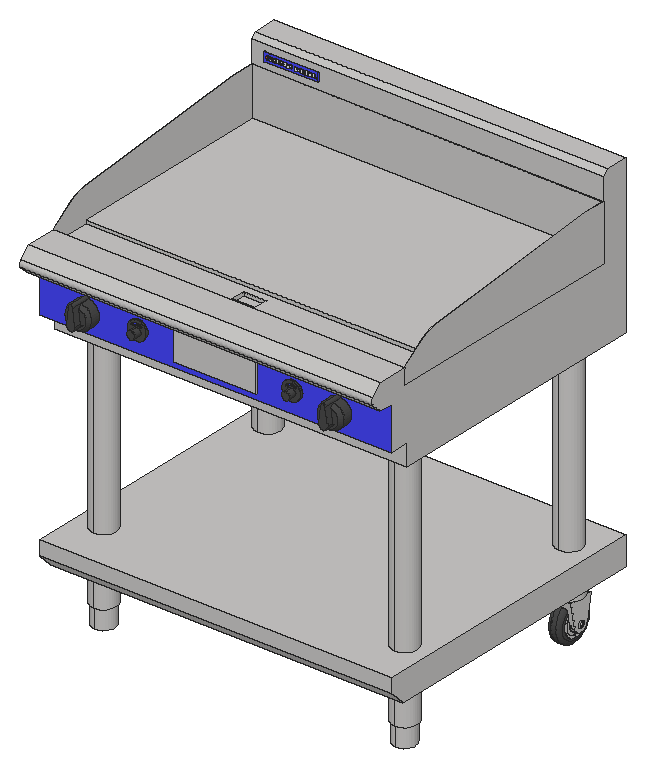
Revit family "QF_MOFFAT_BLUESEAL_CE_GP516-LS", category Specialty Equipment, Revit 2012
Parameters
  Weight in Pounds = 346  # constant formula
  Width [instance] = 900 mm  # constant formula
  URL Cutsheet = "www.moffat.com"
  URL = "www.moffat.com"
  Type Mark [instance] = ""
  Status [instance] = ""
  Specification by User [instance] = ""
  Specification by Manufacturer = ""
  Show Logo [instance] = yes
  Show Casters [instance] = yes
  Serial Number = ""
  Seismic Rating = ""
  SMACNA No = ""
  Revision Code [instance] = ""
  Omniclass Number and Title = ""
  NAFEM Spec ID Number = ""
  Model = "GP516-LS"
  Mechanical Remarks = ""
  Mechanical Connection Type = ""
  Masterspec = ""
  Manufacturer = "MOFFAT BLUESEAL"
  Legs [instance] = not(Show Casters)  # no
  Item Number [instance] = ""
  Installed By [instance] = ""
  Identify Quantity as Lot [instance] = yes
  Height = 970 mm  # constant formula
  Gas Size = 3/4"
  Gas RI Height [instance] = 0 mm
  Gas KW = 23
  Gas Input = 78300.0 Btu/h
  Gas Connection Height = 0 mm
  Furnished By [instance] = ""
  Foodservice Equipment Identifier [instance] = yes
  Description = "900MM GAS GRIDDLE PLATE ON LEG STAND"
  Depth [instance] = 812 mm  # constant formula
  CSI MasterFormat = ""
  CSI Master Format = ""
  Back Splash [instance] = 215 mm  # constant formula
Reference planes
  plane 1 "BACK": y = 0
  plane 2: z = 0
  plane 3 "LEFT": x = 0
  plane 4 "RIGHT": x = 900
  plane 5 "FRONT": y = -812
  plane 6 "TOP": z = 970
  plane 7 "Center Y": x = 450
  plane 8 "Center X": y = -406
  plane 9 "Base Height": z = 150
  plane 10: z = 915
  plane 11: y = -625
  plane 12: y = -100
  plane 13: x = 770
  plane 14: z = 710
  plane 15: y = -32
  plane 16: z = 1085
  plane 17: z = 740
  plane 18: x = 65.5
  plane 19: x = 834.5
Forms (mm)
  Extrusion 1, solid, material "QF_Finishes_Stainless Steel"
    sketch origin (0, 0, 0) x (0, 1, 0) y (0, 0, 1)
      loop
        line (0, 222.5) -> (-749, 222.5) -> (-749, 186) -> (-713, 150) -> (0, 150) -> (0, 222.5)
      loop
        line (0, 685) -> (0, 1085) -> (-57.5, 1085) -> (-70, 1072.5) -> (-70, 875) -> (-705, 875) -> (-705, 915) -> (-783.97, 915) -> (-808.485, 890.485)
        arc (-808.485, 890.485) -> (-811.999, 882) -> (-808.485, 873.515) r 12
        line (-808.485, 873.515) -> (-784.97, 850) -> (-749, 850) -> (-749, 740) -> (-699, 740) -> (-699, 685) -> (0, 685)
    from 0 to 900
  Revolve 2, solid, material "QF_Finishes_Stainless Steel", visible <- "Legs"
    sketch origin (834.5, -210, 0) x (0, 1, 0) y (0, 0, -1)
      loop
        line (78.25, -150) -> (110, -150) -> (110, 0) -> (82.5, 0) -> (82.5, -50) -> (78.25, -50) -> (78.25, -150)
      axis (110, -150) -> (110, 0)
    angle from 0 to 360
  Revolve 3, solid, material "QF_Finishes_Stainless Steel"
    sketch origin (834.5, -735, 0) x (0, 1, 0) y (0, 0, -1)
      loop
        line (78.25, -150) -> (110, -150) -> (110, 0) -> (82.5, 0) -> (82.5, -50) -> (78.25, -50) -> (78.25, -150)
      axis (110, -150) -> (110, 0)
    angle from 0 to 360
  Revolve 4, solid, material "QF_Finishes_Stainless Steel", visible <- "Legs"
    sketch origin (65, -210, 0) x (0, 1, 0) y (0, 0, -1)
      loop
        line (78.25, -150) -> (110, -150) -> (110, 0) -> (82.5, 0) -> (82.5, -50) -> (78.25, -50) -> (78.25, -150)
      axis (110, -150) -> (110, 0)
    angle from 0 to 360
  Revolve 5, solid, material "QF_Finishes_Stainless Steel"
    sketch origin (65, -735, 0) x (0, 1, 0) y (0, 0, -1)
      loop
        line (78.25, -150) -> (110, -150) -> (110, 0) -> (82.5, 0) -> (82.5, -50) -> (78.25, -50) -> (78.25, -150)
      axis (110, -150) -> (110, 0)
    angle from 0 to 360
  Revolve 6, solid, material "QF_Finishes_Black"
    sketch origin (127.5, 7, 597.8) x (0, 1, 0) y (0, 0, -1)
      loop
        line (-789, -229.5) -> (-766, -229.5) -> (-766, -202) -> (-756, -202) -> (-756, -197) -> (-800, -197) -> (-800, -223.651) -> (-789, -229.5)
      axis (-800, -197) -> (-756, -197)
    angle from 0 to 360
  Extrusion 7, solid, material "QF_Finishes_Black"
    sketch origin (115.851, 0, 597.958) x (-1, 0, 0) y (0, 0, -1)
      loop
        line (-22.15, -186.037) -> (-16.729, -228.955)
        arc (-16.729, -228.955) -> (-11.73, -233.842) -> (-6.732, -228.955) r 5
        line (-6.732, -228.955) -> (-1.243, -184.87)
        arc (-1.243, -184.87) -> (-12.315, -174.371) -> (-22.15, -186.037) r 10.487
    from 759 to 808
  Extrusion 8, solid, material "QF_Finishes_Stainless Steel"
    sketch origin (0, -749, 866) x (0, 0, -1) y (1, 0, 0)
      loop
        line (25.201, 345) -> (112.1, 345) -> (112.1, 555) -> (25.201, 555) -> (25.201, 345)
    from 0 to 2.5
  Extrusion 9, solid, material "QF_Finishes_Stainless Steel"
    sketch origin (0, -751.5, 866) x (0, 0, -1) y (1, 0, 0)
      loop
        line (32.201, 555) -> (25.201, 555) -> (25.201, 345) -> (32.201, 345) -> (32.201, 555)
    from 0 to 5
  Extrusion 10, void
    sketch origin (0, -756, 740) x (1, 0, 0) y (0, -1, 0)
      loop
        circle (769.998, -724) r 10
    from 0 to 86.329
  Extrusion 11, solid, material "QF_Finishes_Stainless Steel"
    sketch origin (0, 0, 222.5) x (0, -1, 0) y (1, 0, 0)
      loop
        circle (100, 65) r 31.75
      loop
        circle (625, 65) r 31.75
      loop
        circle (100, 835) r 31.75
      loop
        circle (625, 835) r 31.75
    from 0 to 462.5
  Revolve 12, solid, material "QF_Finishes_Stainless Steel", visible <- "Legs"
    sketch origin (65.5, -166, 0) x (0, 1, 0) y (0, 0, 1)
      loop
        line (34.25, 150) -> (34.25, 50) -> (38.5, 50) -> (38.5, 0) -> (66, 0) -> (66, 150) -> (34.25, 150)
      axis (66, 150) -> (66, 0)
    angle from 0 to 360
  Revolve 13, solid, material "QF_Finishes_Stainless Steel", visible <- "Legs"
    sketch origin (835, -166, 0) x (0, 1, 0) y (0, 0, -1)
      loop
        line (34.25, -150) -> (66, -150) -> (66, 0) -> (38.5, 0) -> (38.5, -50) -> (34.25, -50) -> (34.25, -150)
      axis (66, -150) -> (66, 0)
    angle from 0 to 360
  Revolve 14, solid, material "QF_Finishes_Stainless Steel", visible <- "Show Casters"
    sketch origin (16.276, -100.755, -13.653) x (1, 0, 0) y (0, 0, 1)
      loop
        line (14.841, 63.604) -> (83.584, 63.604) -> (83.584, 67.109) -> (82.314, 68.379) -> (80.79, 68.379) -> (80.79, 71.826) -> (68.644, 71.826) -> (68.644, 81.79) -> (65.088, 83.843) -> (63.738, 92.179) -> (65.881, 92.179) -> (65.881, 98.529) -> (65.088, 98.529) -> (65.088, 104.879)
        arc (65.088, 104.879) -> (62.298, 111.614) -> (55.563, 114.404) r 9.525
        line (55.563, 114.404) -> (42.863, 114.404)
        arc (42.863, 114.404) -> (36.127, 111.614) -> (33.338, 104.879) r 9.525
        line (33.338, 104.879) -> (33.338, 98.529) -> (32.544, 98.529) -> (32.544, 92.179) -> (34.687, 92.179) -> (33.352, 83.932) -> (29.782, 81.871) -> (29.782, 71.826) -> (17.635, 71.826) -> (17.635, 68.379) -> (16.111, 68.379) -> (14.841, 67.109) -> (14.841, 63.604)
      axis (14.841, 63.604) -> (83.584, 63.604)
    angle from 0 to 360
  Extrusion 15, solid, material "QF_Finishes_Stainless Steel", visible <- "Show Casters"
    sketch origin (72.001, 132.353, -8.783) x (0, 1, 0) y (0, 0, 1)
      loop
        line (-200.603, 118.783) -> (-264.103, 118.783) -> (-251.746, 53.895)
        arc (-251.746, 53.895) -> (-232.353, 38.783) -> (-212.959, 53.895) r 20
        line (-212.959, 53.895) -> (-200.603, 118.783)
    from -35.667 to 22.923
  Revolve 16, solid, material "QF_Finishes_Stainless Steel", visible <- "Show Casters"
    sketch origin (65.5, -204, 0) x (0, 1, 0) y (0, 0, 1)
      loop
        line (68.25, 150) -> (68.25, 110) -> (104, 110) -> (104, 150) -> (68.25, 150)
      axis (104, 150) -> (104, 110)
    angle from 0 to 360
  Revolve 17, solid, material "QF_Finishes_Stainless Steel", visible <- "Legs"
    sketch origin (65.5, -166, 0) x (0, 1, 0) y (0, 0, 1)
      loop
        line (34.25, 150) -> (34.25, 50) -> (38.5, 50) -> (38.5, 0) -> (66, 0) -> (66, 150) -> (34.25, 150)
      axis (66, 150) -> (66, 0)
    angle from 0 to 360
  Extrusion 18, solid, material "QF_Finishes_Stainless Steel", visible <- "Show Casters"
    sketch origin (841.501, 132.353, -8.783) x (0, 1, 0) y (0, 0, 1)
      loop
        line (-200.603, 118.783) -> (-264.103, 118.783) -> (-251.746, 53.895)
        arc (-251.746, 53.895) -> (-232.353, 38.783) -> (-212.959, 53.895) r 20
        line (-212.959, 53.895) -> (-200.603, 118.783)
    from -35.667 to 22.923
  Revolve 19, solid, material "QF_Finishes_Stainless Steel", visible <- "Show Casters"
    sketch origin (835, -204, 0) x (0, 1, 0) y (0, 0, 1)
      loop
        line (68.25, 150) -> (68.25, 110) -> (104, 110) -> (104, 150) -> (68.25, 150)
      axis (104, 150) -> (104, 110)
    angle from 0 to 360
  Revolve 20, solid, material "QF_Finishes_Stainless Steel", visible <- "Show Casters"
    sketch origin (786.276, -100.755, -13.653) x (1, 0, 0) y (0, 0, 1)
      loop
        line (14.841, 63.604) -> (83.584, 63.604) -> (83.584, 67.109) -> (82.314, 68.379) -> (80.79, 68.379) -> (80.79, 71.826) -> (68.644, 71.826) -> (68.644, 81.79) -> (65.088, 83.843) -> (63.738, 92.179) -> (65.881, 92.179) -> (65.881, 98.529) -> (65.088, 98.529) -> (65.088, 104.879)
        arc (65.088, 104.879) -> (62.298, 111.614) -> (55.563, 114.404) r 9.525
        line (55.563, 114.404) -> (42.863, 114.404)
        arc (42.863, 114.404) -> (36.127, 111.614) -> (33.338, 104.879) r 9.525
        line (33.338, 104.879) -> (33.338, 98.529) -> (32.544, 98.529) -> (32.544, 92.179) -> (34.687, 92.179) -> (33.352, 83.932) -> (29.782, 81.871) -> (29.782, 71.826) -> (17.635, 71.826) -> (17.635, 68.379) -> (16.111, 68.379) -> (14.841, 67.109) -> (14.841, 63.604)
      axis (14.841, 63.604) -> (83.584, 63.604)
    angle from 0 to 360
  Revolve 21, solid, material "QF_Finishes_Black"
    sketch origin (772.616, 7, 597.8) x (0, 1, 0) y (0, 0, -1)
      loop
        line (-789, -229.5) -> (-766, -229.5) -> (-766, -202) -> (-756, -202) -> (-756, -197) -> (-800, -197) -> (-800, -223.651) -> (-789, -229.5)
      axis (-800, -197) -> (-756, -197)
    angle from 0 to 360
  Extrusion 22, solid, material "QF_Finishes_Black"
    sketch origin (760.967, 0, 597.958) x (-1, 0, 0) y (0, 0, -1)
      loop
        line (-22.15, -186.037) -> (-16.729, -228.955)
        arc (-16.729, -228.955) -> (-11.73, -233.842) -> (-6.732, -228.955) r 5
        line (-6.732, -228.955) -> (-1.243, -184.87)
        arc (-1.243, -184.87) -> (-12.315, -174.371) -> (-22.15, -186.037) r 10.487
    from 759 to 808
  Extrusion 23, solid, material "QF_Finishes_Black"
    sketch origin (17.5, -749, 864.306) x (0, 0, -1) y (1, 0, 0)
      loop
        circle (70, 235) r 24
      loop
        arc (60.1, 249.913) -> (52.064, 235.125) -> (59.882, 220.219) r 17.868
        arc (59.882, 220.219) -> (60.362, 219.934) -> (60.877, 220.149) r 0.621
        arc (60.877, 220.149) -> (62.314, 222.708) -> (62.658, 225.622) r 7.495
        arc (62.658, 225.622) -> (62.454, 226.55) -> (62.006, 227.388) r 3.472
        arc (62.006, 227.388) -> (59.714, 234.851) -> (61.844, 242.362) r 13.786
        arc (61.844, 242.362) -> (62.484, 243.632) -> (62.749, 245.028) r 5.101
        arc (62.749, 245.028) -> (62.378, 247.547) -> (61.084, 249.739) r 6.611
        arc (61.084, 249.739) -> (60.622, 249.997) -> (60.1, 249.913) r 0.806
    from 0 to 5
  Extrusion 24, solid, material "QF_Finishes_Black"
    sketch origin (17.5, -754, 864.306) x (0, 0, -1) y (1, 0, 0)
      loop
        circle (73.5, 235) r 10
    from 0 to 18.251
  Extrusion 25, solid, material "QF_Finishes_Black"
    sketch origin (413.125, -749, 864.306) x (0, 0, -1) y (1, 0, 0)
      loop
        circle (70, 235) r 24
      loop
        arc (60.1, 249.913) -> (52.064, 235.125) -> (59.882, 220.219) r 17.868
        arc (59.882, 220.219) -> (60.362, 219.934) -> (60.877, 220.149) r 0.621
        arc (60.877, 220.149) -> (62.314, 222.708) -> (62.658, 225.622) r 7.495
        arc (62.658, 225.622) -> (62.454, 226.55) -> (62.006, 227.388) r 3.472
        arc (62.006, 227.388) -> (59.714, 234.851) -> (61.844, 242.362) r 13.786
        arc (61.844, 242.362) -> (62.484, 243.632) -> (62.749, 245.028) r 5.101
        arc (62.749, 245.028) -> (62.378, 247.547) -> (61.084, 249.739) r 6.611
        arc (61.084, 249.739) -> (60.622, 249.997) -> (60.1, 249.913) r 0.806
    from 0 to 5
  Extrusion 26, solid, material "QF_Finishes_Black"
    sketch origin (413.125, -754, 864.306) x (0, 0, -1) y (1, 0, 0)
      loop
        circle (73.5, 235) r 10
    from 0 to 18.251
Cuts and joins
  joined: Extrusion 8, Extrusion 9
  Extrusion 10 cuts Extrusion 1
Lines and regions (mm)
  Split face 1
    outline origin (900, 0, 1085) x (-1, 0, 0) y (0, -1, 0)
      loop
        arc (624, 45.385) -> (615.34, 40.385) -> (615.34, 30.385) r 10
        line (615.34, 30.385) -> (619.381, 23.385)
        arc (619.381, 23.385) -> (623.041, 19.725) -> (628.041, 18.385) r 10
        line (628.041, 18.385) -> (856, 18.385)
        arc (856, 18.385) -> (864.66, 23.385) -> (864.66, 33.385) r 10
        line (864.66, 33.385) -> (860.619, 40.385)
        arc (860.619, 40.385) -> (856.959, 44.045) -> (851.959, 45.385) r 10
        line (851.959, 45.385) -> (624, 45.385)
  Split face 2
    outline origin (900, 0, 1085) x (-1, 0, 0) y (0, -1, 0)
      loop
        arc (34, 45.385) -> (25.34, 40.385) -> (25.34, 30.385) r 10
        line (25.34, 30.385) -> (29.381, 23.385)
        arc (29.381, 23.385) -> (33.041, 19.725) -> (38.041, 18.385) r 10
        line (38.041, 18.385) -> (266, 18.385)
        arc (266, 18.385) -> (274.66, 23.385) -> (274.66, 33.385) r 10
        line (274.66, 33.385) -> (270.619, 40.385)
        arc (270.619, 40.385) -> (266.959, 44.045) -> (261.959, 45.385) r 10
        line (261.959, 45.385) -> (34, 45.385)
  Split face 3
    outline origin (900, 0, 1085) x (-1, 0, 0) y (0, -1, 0)
      loop
        line (336.021, 18.385) -> (563.979, 18.385)
        arc (563.979, 18.385) -> (572.64, 23.385) -> (572.64, 33.385) r 10
        line (572.64, 33.385) -> (568.598, 40.385)
        arc (568.598, 40.385) -> (564.938, 44.045) -> (559.938, 45.385) r 10
        line (559.938, 45.385) -> (331.979, 45.385)
        arc (331.979, 45.385) -> (323.319, 40.385) -> (323.319, 30.385) r 10
        line (323.319, 30.385) -> (327.36, 23.385)
        arc (327.36, 23.385) -> (331.021, 19.725) -> (336.021, 18.385) r 10
  Split face 4
    outline origin (495, -751.5, 753.9) x (1, 0, 0) y (0, 0, 1)
      loop
        arc (-38, 69) -> (-34, 73) -> (-38, 77) r 4
        line (-38, 77) -> (-52, 77)
        arc (-52, 77) -> (-56, 73) -> (-52, 69) r 4
        line (-52, 69) -> (-38, 69)
  symbolic lines
    curve 1: line (0, 0, 0) -> (0, -812, 0)
    curve 2: line (900, 0, 0) -> (0, 0, 0)
    curve 3: line (900, -812, 0) -> (900, 0, 0)
    curve 4: line (0, -70, 0) -> (900, -70, 0)
    curve 5: line (0, -812, 0) -> (900, -812, 0)
    curve 10: line (0, -57.5, 0) -> (900, -57.5, 0)
    curve 11: line (0, -783.97, 0) -> (900, -783.97, 0)
    curve 12: line (634, -18.385, 0) -> (861.959, -18.385, 0)
    curve 13: arc (861.959, -18.385, 0) -> (866.959, -19.725, 0) -> (870.619, -23.385, 0) r 10
    curve 14: line (870.619, -23.385, 0) -> (874.66, -30.385, 0)
    curve 15: arc (874.66, -30.385, 0) -> (874.66, -40.385, 0) -> (866, -45.385, 0) r 10
    curve 16: line (866, -45.385, 0) -> (638.041, -45.385, 0)
    curve 17: arc (638.041, -45.385, 0) -> (633.041, -44.045, 0) -> (629.381, -40.385, 0) r 10
    curve 18: line (629.381, -40.385, 0) -> (625.34, -33.385, 0)
    curve 19: arc (625.34, -33.385, 0) -> (625.34, -23.385, 0) -> (634, -18.385, 0) r 10
    curve 24: line (336.021, -18.385, 0) -> (563.979, -18.385, 0)
    curve 25: arc (563.979, -18.385, 0) -> (568.979, -19.725, 0) -> (572.64, -23.385, 0) r 10
    curve 26: line (572.64, -23.385, 0) -> (576.681, -30.385, 0)
    curve 27: arc (576.681, -30.385, 0) -> (576.681, -40.385, 0) -> (568.021, -45.385, 0) r 10
    curve 28: line (568.021, -45.385, 0) -> (340.062, -45.385, 0)
    curve 29: arc (340.062, -45.385, 0) -> (335.062, -44.045, 0) -> (331.402, -40.385, 0) r 10
    curve 30: line (331.402, -40.385, 0) -> (327.36, -33.385, 0)
    curve 31: arc (327.36, -33.385, 0) -> (327.36, -23.385, 0) -> (336.021, -18.385, 0) r 10
    curve 32: line (44, -18.385, 0) -> (271.959, -18.385, 0)
    curve 33: arc (271.959, -18.385, 0) -> (276.959, -19.725, 0) -> (280.619, -23.385, 0) r 10
    curve 34: line (280.619, -23.385, 0) -> (284.66, -30.385, 0)
    curve 35: arc (284.66, -30.385, 0) -> (284.66, -40.385, 0) -> (276, -45.385, 0) r 10
    curve 36: line (276, -45.385, 0) -> (48.041, -45.385, 0)
    curve 37: arc (48.041, -45.385, 0) -> (43.041, -44.045, 0) -> (39.381, -40.385, 0) r 10
    curve 38: line (39.381, -40.385, 0) -> (35.34, -33.385, 0)
    curve 39: arc (35.34, -33.385, 0) -> (35.34, -23.385, 0) -> (44, -18.385, 0) r 10
  symbolic lines, style "SpecialityEquipmentHiddenLines", visible <- "Show Casters"
    curve 6: line (78.456, -46.735, 0) -> (105.952, -62.61, 0)
    curve 7: line (27.656, -134.723, 0) -> (78.456, -46.735, 0)
    curve 8: line (55.152, -150.598, 0) -> (27.656, -134.723, 0)
    curve 9: line (105.952, -62.61, 0) -> (55.152, -150.598, 0)
    curve 20: line (847.956, -46.735, 0) -> (875.452, -62.61, 0)
    curve 21: line (797.156, -134.723, 0) -> (847.956, -46.735, 0)
    curve 22: line (824.652, -150.598, 0) -> (797.156, -134.723, 0)
    curve 23: line (875.452, -62.61, 0) -> (824.652, -150.598, 0)
Dimensions and locks
  equal spacing: plane 3 "LEFT", plane 7 "Center Y", plane 4 "RIGHT"
  "Width": plane 3 "LEFT" to plane 4 "RIGHT"
  equal spacing: plane 5 "FRONT", plane 8 "Center X", plane 1 "BACK"
  "Depth": plane 5 "FRONT" to plane 1 "BACK"
  locked: plane 10 to level at 915
  locked: plane 9 "Base Height" to level at 150
  plane 6 "TOP" to plane 10 = 55 mm
  plane 11 to plane 12 = 525 mm
  plane 13 to plane 4 "RIGHT" = 130 mm
  plane 14 to level = 710 mm
  plane 15 to plane 1 "BACK" = 32 mm
  plane 16 to plane 2 = 1085 mm
  Revolve 14 sketch curve to Revolve 14 sketch curve = 50.8 mm
  Extrusion 10 sketch curve to plane 1 "BACK" = 32 mm
  plane 17 to plane 2 = 740 mm
  Revolve 20 sketch curve to Revolve 20 sketch curve = 50.8 mm
  aligned and locked: level to plane 2
Automatic sketch dimensions
  plane 1 "BACK" to curve 1 = 0 mm
  curve 1 to plane 3 "LEFT" = 0 mm
  curve 5 to plane 4 "RIGHT" = 0 mm
  plane 5 "FRONT" to curve 5 = 0 mm
  plane 3 "LEFT" to curve 7 = 27.656 mm
  curve 39 to plane 15 = 1.385 mm
  curve 38 to plane 15 = 8.385 mm
  curve 38 to curve 38 = 4.041 mm
  plane 15 to curve 32 = 13.615 mm
  curve 39 to curve 32 = 8.66 mm
  curve 37 to plane 15 = 3.385 mm
  curve 39 to curve 37 = 4.041 mm
  curve 6 to curve 32 = 166.007 mm
  curve 33 to curve 35 = 4.041 mm  (x2)
  plane 15 to curve 33 = 8.615 mm
  curve 33 to curve 33 = 8.66 mm
  plane 15 to curve 35 = 1.615 mm
  curve 30 to plane 15 = 1.385 mm
  curve 34 to curve 30 = 42.7 mm
  curve 30 to plane 15 = 8.385 mm
  curve 30 to curve 30 = 4.041 mm
  plane 15 to curve 31 = 13.615 mm
  curve 31 to curve 31 = 8.66 mm
  curve 30 to curve 29 = 8.66 mm
  plane 7 "Center Y" to curve 24 = 113.979 mm
  curve 27 to plane 15 = 3.385 mm
  curve 25 to curve 27 = 4.041 mm
  plane 15 to curve 26 = 8.615 mm
  curve 25 to curve 26 = 8.66 mm
  plane 15 to curve 26 = 1.615 mm
  curve 26 to curve 26 = 4.041 mm
  curve 18 to plane 15 = 1.385 mm
  curve 27 to curve 18 = 48.659 mm
  curve 18 to plane 15 = 8.385 mm
  curve 19 to curve 18 = 4.041 mm
  plane 15 to curve 12 = 13.615 mm
  curve 19 to curve 12 = 8.66 mm
  curve 17 to curve 16 = 8.66 mm
  plane 13 to curve 22 = 27.156 mm
  curve 13 to curve 16 = 4.041 mm
  plane 15 to curve 13 = 8.615 mm
  curve 13 to curve 13 = 8.66 mm
  plane 15 to curve 15 = 1.615 mm
  curve 13 to curve 15 = 4.041 mm
  curve 11 to plane 5 "FRONT" = 28.03 mm
  curve 23 to plane 12 = 50.598 mm
  curve 9 to plane 12 = 50.598 mm
  curve 8 to curve 7 = 15.875 mm
  curve 22 to curve 21 = 15.875 mm
  curve 4 to curve 20 = 7.39 mm
  curve 4 to curve 10 = 12.5 mm
  curve 15 to plane 15 = 13.385 mm
  Extrusion 1 sketch curve to plane 10 = 0 mm
  Extrusion 1 sketch curve to plane 17 = 0 mm
  Extrusion 1 sketch curve to plane 9 "Base Height" = 0 mm
  Extrusion 1 sketch curve to plane 16 = 0 mm
  Extrusion 1 sketch curve to plane 1 "BACK" = 0 mm  (x2)
  Extrusion 1 sketch curve to plane 15 = 25.5 mm
  plane 12 to Extrusion 1 sketch curve = 30 mm
  Extrusion 1 sketch curve to plane 14 = 25 mm
  Extrusion 1 sketch curve to plane 11 = 74 mm
  Extrusion 1 sketch curve to plane 10 = 40 mm
  Extrusion 1 sketch curve to plane 11 = 80 mm
  Extrusion 1 sketch curve to plane 11 = 88 mm
  Extrusion 1 sketch curve to Extrusion 1 sketch curve = 44 mm
  Extrusion 1 sketch curve to Extrusion 1 sketch curve = 36 mm
  Extrusion 1 sketch curve to plane 5 "FRONT" = 28.03 mm
  Extrusion 1 sketch curve to plane 5 "FRONT" = 27.03 mm
  Extrusion 1 sketch curve to plane 5 "FRONT" = 12.001 mm
  Extrusion 1 sketch curve to plane 5 "FRONT" = 3.515 mm  (x2)
  plane 9 "Base Height" to Extrusion 1 sketch curve = 36 mm
  Extrusion 1 sketch curve to Extrusion 1 sketch curve = 36.5 mm
  Extrusion 1 sketch curve to plane 10 = 65 mm
  Extrusion 1 sketch curve to Extrusion 1 sketch curve = 23.515 mm
  Extrusion 1 sketch curve to Extrusion 1 sketch curve = 8.485 mm
  Extrusion 1 sketch curve to plane 16 = 12.5 mm
  Revolve 2 sketch curve to plane 9 "Base Height" = 0 mm
  Revolve 2 sketch curve to level = 0 mm
  Revolve 2 sketch curve to plane 12 = 0 mm  (x2)
  Revolve 2 sketch curve to Revolve 2 sketch curve = 27.5 mm
  Revolve 2 sketch curve to Revolve 2 sketch curve = 31.75 mm
  level to Revolve 2 sketch curve = 50 mm
  Revolve 2 sketch curve to Revolve 2 sketch curve = 0 mm
  Revolve 2 sketch curve to Revolve 2 sketch curve = 55 mm
  Revolve 3 sketch curve to plane 9 "Base Height" = 0 mm
  Revolve 3 sketch curve to level = 0 mm
  Revolve 3 sketch curve to plane 11 = 0 mm  (x2)
  Revolve 3 sketch curve to plane 11 = 27.5 mm
  Revolve 3 sketch curve to plane 11 = 31.75 mm
  level to Revolve 3 sketch curve = 50 mm
  Revolve 3 sketch curve to Revolve 3 sketch curve = 0 mm
  Revolve 3 sketch curve to Revolve 3 sketch curve = 55 mm
  Revolve 4 sketch curve to plane 9 "Base Height" = 0 mm
  Revolve 4 sketch curve to level = 0 mm
  Revolve 4 sketch curve to plane 12 = 0 mm  (x2)
  Revolve 4 sketch curve to plane 12 = 27.5 mm
  Revolve 4 sketch curve to plane 12 = 31.75 mm
  level to Revolve 4 sketch curve = 50 mm
  Revolve 4 sketch curve to Revolve 4 sketch curve = 0 mm
  Revolve 4 sketch curve to Revolve 4 sketch curve = 55 mm
  Revolve 5 sketch curve to plane 9 "Base Height" = 0 mm
  Revolve 5 sketch curve to level = 0 mm
  Revolve 5 sketch curve to plane 11 = 0 mm  (x2)
  Revolve 5 sketch curve to plane 11 = 27.5 mm
  Revolve 5 sketch curve to plane 11 = 31.75 mm
  level to Revolve 5 sketch curve = 50 mm
  Revolve 5 sketch curve to Revolve 5 sketch curve = 0 mm
  Revolve 5 sketch curve to Revolve 5 sketch curve = 55 mm
  Revolve 6 sketch curve to plane 5 "FRONT" = 19 mm
  Revolve 6 sketch curve to Revolve 6 sketch curve = 0 mm  (x2)
  Revolve 6 sketch curve to Revolve 6 sketch curve = 11 mm
  Revolve 6 sketch curve to Revolve 6 sketch curve = 12.7 mm
  Revolve 6 sketch curve to Revolve 6 sketch curve = 23 mm
  Revolve 6 sketch curve to Revolve 6 sketch curve = 10 mm
  plane 17 to Revolve 6 sketch curve = 87.3 mm
  Revolve 6 sketch curve to Revolve 6 sketch curve = 5.849 mm
  Revolve 6 sketch curve to Revolve 6 sketch curve = 27.5 mm
  Revolve 6 sketch curve to Revolve 6 sketch curve = 5 mm
  plane 17 to Extrusion 7 sketch curve = 43.995 mm
  Extrusion 7 sketch curve to Extrusion 7 sketch curve = 5.421 mm
  Extrusion 7 sketch curve to Extrusion 7 sketch curve = 10.419 mm
  Extrusion 7 sketch curve to Extrusion 7 sketch curve = 4.999 mm  (x2)
  plane 17 to Extrusion 7 sketch curve = 86.913 mm
  Extrusion 7 sketch curve to Extrusion 7 sketch curve = 10.487 mm
  Extrusion 7 sketch curve to Extrusion 7 sketch curve = 0.113 mm
  Extrusion 7 sketch curve to Extrusion 7 sketch curve = 1.167 mm
  Extrusion 8 sketch curve to plane 10 = 74.201 mm
  plane 17 to Extrusion 8 sketch curve = 13.9 mm
  Extrusion 8 sketch curve to plane 7 "Center Y" = 105 mm
  plane 7 "Center Y" to Extrusion 8 sketch curve = 105 mm
  Extrusion 9 sketch curve to Extrusion 8 = 0 mm  (x2)
  Extrusion 8 to Extrusion 9 sketch curve = 0 mm
  Extrusion 9 sketch curve to Extrusion 9 sketch curve = 7 mm
  Extrusion 10 sketch curve to plane 13 = 0.002 mm
  Extrusion 11 sketch curve to plane 12 = 0 mm  (x2)
  Extrusion 11 sketch curve to plane 11 = 0 mm  (x2)
  Extrusion 11 sketch curve to Extrusion 11 sketch curve = 31.75 mm
  plane 12 to Extrusion 11 sketch curve = 31.75 mm
  plane 11 to Extrusion 11 sketch curve = 31.75 mm  (x2)
  Revolve 12 sketch curve to plane 9 "Base Height" = 0 mm
  Revolve 12 sketch curve to level = 0 mm
  Revolve 12 sketch curve to plane 12 = 0 mm  (x2)
  Revolve 12 sketch curve to plane 12 = 27.5 mm
  Revolve 12 sketch curve to plane 12 = 31.75 mm
  Revolve 12 sketch curve to Revolve 12 sketch curve = 55 mm
  level to Revolve 12 sketch curve = 50 mm
  Revolve 12 sketch curve to Revolve 12 sketch curve = 0 mm
  Revolve 13 sketch curve to plane 9 "Base Height" = 0 mm
  Revolve 13 sketch curve to level = 0 mm
  Revolve 13 sketch curve to plane 12 = 0 mm  (x2)
  Revolve 13 sketch curve to plane 12 = 27.5 mm
  Revolve 13 sketch curve to plane 12 = 31.75 mm
  level to Revolve 13 sketch curve = 50 mm
  Revolve 13 sketch curve to Revolve 13 sketch curve = 0 mm
  Revolve 13 sketch curve to Revolve 13 sketch curve = 55 mm
  plane 3 "LEFT" to Revolve 14 sketch curve = 31.118 mm
  Revolve 14 sketch curve to Revolve 14 sketch curve = 1.27 mm  (x4)
  Revolve 14 sketch curve to Revolve 14 sketch curve = 1.524 mm  (x2)
  Revolve 14 sketch curve to Revolve 14 sketch curve = 12.146 mm  (x2)
  Revolve 14 sketch curve to Revolve 14 sketch curve = 0.794 mm  (x2)
  Revolve 14 sketch curve to Revolve 14 sketch curve = 3.57 mm
  Revolve 14 sketch curve to Revolve 14 sketch curve = 2.143 mm
  Revolve 14 sketch curve to Revolve 14 sketch curve = 1.349 mm  (x2)
  Revolve 14 sketch curve to Revolve 14 sketch curve = 3.556 mm
  Revolve 14 sketch curve to Revolve 14 sketch curve = 33.32 mm
  level to Revolve 14 sketch curve = 49.952 mm
  Revolve 14 sketch curve to Revolve 14 sketch curve = 0 mm
  Revolve 14 sketch curve to Revolve 14 sketch curve = 3.505 mm  (x2)
  Revolve 14 sketch curve to Revolve 14 sketch curve = 3.447 mm  (x2)
  Revolve 14 sketch curve to Revolve 14 sketch curve = 9.964 mm
  Revolve 14 sketch curve to Revolve 14 sketch curve = 10.045 mm
  Revolve 14 sketch curve to Revolve 14 sketch curve = 2.053 mm
  Revolve 14 sketch curve to Revolve 14 sketch curve = 2.061 mm
  Revolve 14 sketch curve to Revolve 14 sketch curve = 8.247 mm
  Revolve 14 sketch curve to Revolve 14 sketch curve = 8.336 mm
  Revolve 14 sketch curve to Revolve 14 sketch curve = 6.35 mm  (x2)
  Extrusion 15 sketch curve to plane 12 = 0 mm
  Extrusion 15 sketch curve to plane 12 = 19.393 mm
  Extrusion 15 sketch curve to plane 12 = 31.75 mm
  plane 12 to Extrusion 15 sketch curve = 19.393 mm
  plane 12 to Extrusion 15 sketch curve = 31.75 mm
  level to Extrusion 15 sketch curve = 45.111 mm
  Extrusion 15 sketch curve to Extrusion 15 sketch curve = 4.889 mm
  Extrusion 15 sketch curve to plane 9 "Base Height" = 40 mm
  Revolve 16 sketch curve to plane 9 "Base Height" = 0 mm
  Revolve 16 sketch curve to plane 12 = 0 mm  (x2)
  Revolve 16 sketch curve to plane 12 = 35.75 mm
  Revolve 16 sketch curve to plane 9 "Base Height" = 40 mm
  level to Revolve 16 sketch curve = 50 mm
  Revolve 16 sketch curve to level = 55 mm
  Revolve 17 sketch curve to plane 9 "Base Height" = 0 mm
  Revolve 17 sketch curve to level = 0 mm
  Revolve 17 sketch curve to plane 12 = 0 mm  (x2)
  Revolve 17 sketch curve to plane 12 = 27.5 mm
  Revolve 17 sketch curve to Revolve 17 sketch curve = 31.75 mm
  Revolve 17 sketch curve to Revolve 17 sketch curve = 55 mm
  level to Revolve 17 sketch curve = 50 mm
  Revolve 17 sketch curve to Revolve 17 sketch curve = 0 mm
  Extrusion 18 sketch curve to plane 12 = 0 mm
  Extrusion 18 sketch curve to plane 12 = 19.393 mm
  Extrusion 18 sketch curve to plane 12 = 31.75 mm
  plane 12 to Extrusion 18 sketch curve = 19.393 mm
  plane 12 to Extrusion 18 sketch curve = 31.75 mm
  level to Extrusion 18 sketch curve = 45.111 mm
  Extrusion 18 sketch curve to Extrusion 18 sketch curve = 4.889 mm
  Extrusion 18 sketch curve to plane 9 "Base Height" = 40 mm
  Revolve 19 sketch curve to plane 9 "Base Height" = 0 mm
  Revolve 19 sketch curve to plane 12 = 0 mm  (x2)
  Revolve 19 sketch curve to Revolve 19 sketch curve = 35.75 mm
  Revolve 19 sketch curve to plane 9 "Base Height" = 40 mm
  level to Revolve 19 sketch curve = 50 mm
  Revolve 19 sketch curve to level = 55 mm
  Split face 1 sketch curve to cut or joined group of Extrusion 1, Extrusion 10 = 27.115 mm
  Split face 1 sketch curve to cut or joined group of Extrusion 1, Extrusion 10 = 284.66 mm
  Split face 1 sketch curve to cut or joined group of Extrusion 1, Extrusion 10 = 23.385 mm
  Split face 1 sketch curve to Split face 1 sketch curve = 4.041 mm  (x4)
  Split face 1 sketch curve to Split face 1 sketch curve = 8.66 mm  (x2)
  Split face 1 sketch curve to cut or joined group of Extrusion 1, Extrusion 10 = 22.115 mm
  Split face 1 sketch curve to cut or joined group of Extrusion 1, Extrusion 10 = 48.041 mm
  Split face 1 sketch curve to cut or joined group of Extrusion 1, Extrusion 10 = 17.115 mm
  Split face 1 sketch curve to Split face 1 sketch curve = 17 mm
  Split face 1 sketch curve to Split face 1 sketch curve = 7 mm
  Split face 2 sketch curve to cut or joined group of Extrusion 1, Extrusion 10 = 25.34 mm
  Split face 2 sketch curve to Split face 2 sketch curve = 4.041 mm  (x4)
  Split face 2 sketch curve to Split face 2 sketch curve = 8.66 mm  (x2)
  Split face 2 sketch curve to cut or joined group of Extrusion 1, Extrusion 10 = 22.115 mm
  Split face 2 sketch curve to Split face 2 sketch curve = 223.917 mm
  Split face 2 sketch curve to cut or joined group of Extrusion 1, Extrusion 10 = 17.115 mm
  Split face 2 sketch curve to Split face 2 sketch curve = 10 mm
  Split face 2 sketch curve to Split face 2 sketch curve = 7 mm  (x3)
  Split face 3 sketch curve to cut or joined group of Extrusion 1, Extrusion 10 = 27.115 mm
  Split face 3 sketch curve to cut or joined group of Extrusion 1, Extrusion 10 = 323.319 mm
  Split face 3 sketch curve to cut or joined group of Extrusion 1, Extrusion 10 = 23.385 mm
  Split face 3 sketch curve to Split face 3 sketch curve = 4.041 mm  (x3)
  Split face 3 sketch curve to Split face 3 sketch curve = 8.66 mm  (x3)
  Split face 3 sketch curve to cut or joined group of Extrusion 1, Extrusion 10 = 12.115 mm
  Split face 3 sketch curve to Split face 3 sketch curve = 223.917 mm
  Split face 3 sketch curve to cut or joined group of Extrusion 1, Extrusion 10 = 18.385 mm
  Split face 3 sketch curve to Split face 3 sketch curve = 10 mm
  Split face 3 sketch curve to Split face 3 sketch curve = 7 mm
  plane 13 to Revolve 20 sketch curve = 31.118 mm
  Revolve 20 sketch curve to Revolve 20 sketch curve = 1.27 mm  (x4)
  Revolve 20 sketch curve to Revolve 20 sketch curve = 1.524 mm  (x2)
  Revolve 20 sketch curve to Revolve 20 sketch curve = 12.146 mm  (x2)
  Revolve 20 sketch curve to Revolve 20 sketch curve = 0.794 mm  (x2)
  Revolve 20 sketch curve to Revolve 20 sketch curve = 3.57 mm
  Revolve 20 sketch curve to Revolve 20 sketch curve = 2.143 mm
  Revolve 20 sketch curve to Revolve 20 sketch curve = 1.349 mm  (x2)
  Revolve 20 sketch curve to Revolve 20 sketch curve = 3.556 mm
  Revolve 20 sketch curve to plane 4 "RIGHT" = 3.18 mm
  level to Revolve 20 sketch curve = 49.952 mm
  Revolve 20 sketch curve to Revolve 20 sketch curve = 0 mm
  Revolve 20 sketch curve to Revolve 20 sketch curve = 3.505 mm  (x2)
  Revolve 20 sketch curve to Revolve 20 sketch curve = 3.447 mm  (x2)
  Revolve 20 sketch curve to Revolve 20 sketch curve = 9.964 mm
  Revolve 20 sketch curve to Revolve 20 sketch curve = 10.045 mm
  Revolve 20 sketch curve to Revolve 20 sketch curve = 2.053 mm
  Revolve 20 sketch curve to Revolve 20 sketch curve = 2.061 mm
  Revolve 20 sketch curve to Revolve 20 sketch curve = 8.247 mm
  Revolve 20 sketch curve to Revolve 20 sketch curve = 8.336 mm
  Revolve 20 sketch curve to Revolve 20 sketch curve = 6.35 mm  (x2)
  cut or joined group of Extrusion 8, Extrusion 9 to Split face 4 sketch curve = 10.899 mm
  Split face 4 sketch curve to cut or joined group of Extrusion 8, Extrusion 9 = 98 mm
  Split face 4 sketch curve to Split face 4 sketch curve = 14 mm
  Split face 4 sketch curve to Split face 4 sketch curve = 4 mm
  Revolve 21 sketch curve to plane 5 "FRONT" = 19 mm
  Revolve 21 sketch curve to Revolve 21 sketch curve = 0 mm  (x2)
  Revolve 21 sketch curve to Revolve 21 sketch curve = 11 mm
  Revolve 21 sketch curve to Revolve 21 sketch curve = 12.7 mm
  Revolve 21 sketch curve to Revolve 21 sketch curve = 23 mm
  Revolve 21 sketch curve to Revolve 21 sketch curve = 10 mm
  plane 17 to Revolve 21 sketch curve = 87.3 mm
  Revolve 21 sketch curve to Revolve 21 sketch curve = 5.849 mm
  Revolve 21 sketch curve to Revolve 21 sketch curve = 27.5 mm
  Revolve 21 sketch curve to Revolve 21 sketch curve = 5 mm
  plane 13 to Extrusion 22 sketch curve = 13.116 mm
  Extrusion 22 sketch curve to Extrusion 22 sketch curve = 5.421 mm
  Extrusion 22 sketch curve to Extrusion 22 sketch curve = 10.419 mm
  Extrusion 22 sketch curve to Extrusion 22 sketch curve = 4.999 mm  (x2)
  plane 17 to Extrusion 22 sketch curve = 86.913 mm
  Extrusion 22 sketch curve to Extrusion 22 sketch curve = 10.487 mm
  Extrusion 22 sketch curve to Extrusion 22 sketch curve = 0.113 mm
  Extrusion 22 sketch curve to Extrusion 22 sketch curve = 42.919 mm
  Extrusion 22 sketch curve to Extrusion 22 sketch curve = 1.167 mm
  plane 3 "LEFT" to curve 39 = 35.34 mm
  curve 7 to curve 8 = 27.496 mm
  curve 6 to plane 15 = 14.735 mm
  Extrusion 7 sketch curve to plane 7 "Center Y" = 312 mm
  plane 3 "LEFT" to Extrusion 11 sketch curve = 65 mm  (x2)
  Revolve 14 sketch curve to Revolve 14 sketch curve = 0.808 mm
  Revolve 14 sketch curve to Revolve 14 sketch curve = 9.525 mm
  Revolve 14 sketch curve to Revolve 14 sketch curve = 24.572 mm
  Revolve 14 sketch curve to Revolve 14 sketch curve = 12.7 mm
  Revolve 14 sketch curve to Revolve 14 sketch curve = 8.176 mm
  curve 21 to curve 23 = 27.496 mm
  curve 21 to plane 15 = 14.735 mm
  curve 20 to curve 12 = 14.003 mm
  Extrusion 11 sketch curve to Extrusion 11 sketch curve = 0 mm  (x2)
  plane 4 "RIGHT" to Extrusion 11 sketch curve = 65 mm  (x2)
  Revolve 20 sketch curve to Revolve 20 sketch curve = 0.808 mm
  Revolve 20 sketch curve to Revolve 20 sketch curve = 9.525 mm
  Revolve 20 sketch curve to Revolve 20 sketch curve = 24.572 mm
  Revolve 20 sketch curve to Revolve 20 sketch curve = 12.7 mm
  Revolve 20 sketch curve to Revolve 20 sketch curve = 8.176 mm
  plane 17 to Extrusion 23 sketch curve = 69.119 mm
  Extrusion 23 sketch curve to Extrusion 23 sketch curve = 0.958 mm
  Extrusion 23 sketch curve to Extrusion 23 sketch curve = 1.509 mm
  Extrusion 23 sketch curve to Extrusion 23 sketch curve = 4.01 mm
  Extrusion 23 sketch curve to Extrusion 23 sketch curve = 0.685 mm
  Extrusion 23 sketch curve to Extrusion 23 sketch curve = 2.447 mm
  Extrusion 23 sketch curve to Extrusion 23 sketch curve = 0.524 mm
  Extrusion 23 sketch curve to Extrusion 23 sketch curve = 0.381 mm
  Extrusion 23 sketch curve to Extrusion 23 sketch curve = 0.472 mm
  Extrusion 23 sketch curve to Extrusion 23 sketch curve = 0 mm  (x5)
  Extrusion 23 sketch curve to Extrusion 23 sketch curve = 0.602 mm
  Extrusion 23 sketch curve to Extrusion 23 sketch curve = 4.19 mm
  Extrusion 23 sketch curve to Extrusion 23 sketch curve = 2.809 mm
  Extrusion 23 sketch curve to Extrusion 23 sketch curve = 0.652 mm
  Extrusion 23 sketch curve to Extrusion 23 sketch curve = 0.905 mm
  Extrusion 23 sketch curve to Extrusion 23 sketch curve = 8.087 mm
  Extrusion 23 sketch curve to Extrusion 23 sketch curve = 0.069 mm
  Extrusion 23 sketch curve to Extrusion 23 sketch curve = 3.5 mm
  plane 18 to Extrusion 23 sketch curve = 172.149 mm
  Extrusion 23 sketch curve to Extrusion 23 sketch curve = 0.07 mm
  Extrusion 23 sketch curve to Extrusion 23 sketch curve = 7.606 mm
  Extrusion 23 sketch curve to Extrusion 23 sketch curve = 0.007 mm
  plane 17 to Extrusion 25 sketch curve = 69.119 mm
  Extrusion 25 sketch curve to Extrusion 25 sketch curve = 0.958 mm
  Extrusion 25 sketch curve to Extrusion 25 sketch curve = 1.509 mm
  Extrusion 25 sketch curve to Extrusion 25 sketch curve = 4.01 mm
  Extrusion 25 sketch curve to Extrusion 25 sketch curve = 0.685 mm
  Extrusion 25 sketch curve to Extrusion 25 sketch curve = 2.447 mm
  Extrusion 25 sketch curve to Extrusion 25 sketch curve = 0.524 mm
  Extrusion 25 sketch curve to Extrusion 25 sketch curve = 0.381 mm
  Extrusion 25 sketch curve to Extrusion 25 sketch curve = 0.472 mm
  Extrusion 25 sketch curve to Extrusion 25 sketch curve = 0 mm  (x5)
  Extrusion 25 sketch curve to Extrusion 25 sketch curve = 0.602 mm
  Extrusion 25 sketch curve to Extrusion 25 sketch curve = 4.19 mm
  Extrusion 25 sketch curve to Extrusion 25 sketch curve = 2.809 mm
  Extrusion 25 sketch curve to Extrusion 25 sketch curve = 0.652 mm
  Extrusion 25 sketch curve to Extrusion 25 sketch curve = 0.905 mm
  Extrusion 25 sketch curve to Extrusion 25 sketch curve = 8.087 mm
  Extrusion 25 sketch curve to Extrusion 25 sketch curve = 0.069 mm
  Extrusion 25 sketch curve to Extrusion 25 sketch curve = 3.5 mm
  Extrusion 25 sketch curve to plane 13 = 136.726 mm
  Extrusion 25 sketch curve to Extrusion 25 sketch curve = 0.07 mm
  Extrusion 25 sketch curve to Extrusion 25 sketch curve = 7.606 mm
  Extrusion 25 sketch curve to Extrusion 25 sketch curve = 0.007 mm
  radius of Extrusion 10 sketch curve = 10 mm
  radius of Extrusion 23 sketch curve = 24 mm
  radius of Extrusion 24 sketch curve to Extrusion 23 = 3.786 mm
  radius of Extrusion 25 sketch curve = 24 mm
  radius of Extrusion 26 sketch curve to Extrusion 25 = 3.786 mm
Nested families
  nested 1: "WALDORF LOGO_FACE BASE" at (32, -70, 1056.885) x (1, 0, 0) z (0, -1, 0), visible <- "Show Logo", type "WALDORF LOGO_FACE BASE", detail levels medium+fine
    with Show Logo yes
  nested 2: "GAS GRIDDLE 900" at (0, -70, 874.5), type "GAS GRIDDLE 900"
    with Width 900 mm, Type Mark "", Status "", Specification by User "", Show Clearance yes, Revision Code "", Number of Poles 1, Mechanical Remarks "", Mechanical Connection Type "", Item Number "", Installed By "", Identify Quantity as Lot yes, Gas RI Height 0 mm, Gas KW 0, Gas Input 0.0 Btu/h, Furnished By "", Foodservice Equipment Identifier yes, Electrical Remarks "", Electric Connection Type "", Elec Conn RI Height 0 mm, Elec Conn Connection Height 0 mm, Depth 635 mm
Definition of nested family "WALDORF LOGO_FACE BASE"
  Parameters (values of type "WALDORF LOGO_FACE BASE")
    Show Logo [instance] = yes
    Default Elevation = 1219.2 mm
  Reference planes
    plane 1 "Center (Front/Back)": y = 0
    plane 2: z = 0
    plane 3 "Center (Left/Right)": x = 0
  Forms (mm)
    Extrusion 1, solid
      sketch origin (0, 0, 0) x (1, 0, 0) y (0, 1, 0)
        loop
          line (-1219.2, 1219.2) -> (-1219.2, -1219.2) -> (1219.2, -1219.2) -> (1219.2, 1219.2) -> (-1219.2, 1219.2)
      from 0 to -304.8
    Extrusion 2, solid, material "QF_Finishes_Blue", visible <- "Show Logo"
      sketch origin (0, -33.217, 0) x (1, 0, 0) y (0, 1, 0)
        loop
          arc (138, 31.942) -> (137.626, 32.844) -> (136.724, 33.217) r 1.276
          line (136.724, 33.217) -> (1.29, 33.217)
          arc (1.29, 33.217) -> (0.378, 32.839) -> (0, 31.927) r 1.29
          line (0, 31.927) -> (0, 11.507)
          arc (0, 11.507) -> (0.378, 10.595) -> (1.29, 10.217) r 1.29
          line (1.29, 10.217) -> (136.71, 10.217)
          arc (136.71, 10.217) -> (137.622, 10.595) -> (138, 11.507) r 1.29
          line (138, 11.507) -> (138, 31.942)
      from 0 to 1.588
    Extrusion 3, solid, material "QF_Finishes_White", visible <- "Show Logo"
      sketch origin (0, -33.217, 1.588) x (1, 0, 0) y (0, 1, 0)
        loop
          arc (108.946, 25.919) -> (107.613, 25.367) -> (107.061, 24.034) r 1.885
          line (107.061, 24.034) -> (107.061, 17.211) -> (112.704, 17.211) -> (112.704, 19.129) -> (115.546, 19.129) -> (115.546, 17.211) -> (121.584, 17.211) -> (121.584, 24.075)
          arc (121.584, 24.075) -> (121.043, 25.379) -> (119.739, 25.919) r 1.845
          line (119.739, 25.919) -> (108.946, 25.919)
        loop
          line (123.478, 25.919) -> (123.478, 17.163) -> (134.904, 17.163) -> (134.904, 19.129) -> (129.246, 19.129) -> (129.246, 25.919) -> (123.478, 25.919)
        loop
          line (112.704, 21.258) -> (115.546, 21.258) -> (115.546, 22.702)
          arc (115.546, 22.702) -> (115.344, 23.188) -> (114.858, 23.389) r 0.687
          line (114.858, 23.389) -> (113.363, 23.389)
          arc (113.363, 23.389) -> (112.897, 23.196) -> (112.704, 22.73) r 0.658
          line (112.704, 22.73) -> (112.704, 21.258)
        loop
          line (105.071, 25.919) -> (93.771, 25.919) -> (93.771, 17.163) -> (105.071, 17.163) -> (105.071, 19.063) -> (99.535, 19.063) -> (99.535, 20.437) -> (105.071, 20.437) -> (105.071, 22.278) -> (99.535, 22.278) -> (99.535, 23.587) -> (105.071, 23.587) -> (105.071, 25.919)
        loop
          line (91.104, 25.919) -> (79.541, 25.919)
          arc (79.541, 25.919) -> (78.558, 25.513) -> (78.152, 24.53) r 1.389
          line (78.152, 24.53) -> (78.152, 22.08)
          arc (78.152, 22.08) -> (78.558, 21.098) -> (79.541, 20.691) r 1.389
          line (79.541, 20.691) -> (86.346, 20.691) -> (86.346, 18.864) -> (83.266, 18.864) -> (83.266, 19.664) -> (78.152, 19.664) -> (78.152, 18.553)
          arc (78.152, 18.553) -> (78.558, 17.57) -> (79.541, 17.163) r 1.389
          line (79.541, 17.163) -> (91.063, 17.163)
          arc (91.063, 17.163) -> (92.045, 17.57) -> (92.452, 18.553) r 1.389
          line (92.452, 18.553) -> (92.452, 20.691)
          arc (92.452, 20.691) -> (92.045, 21.673) -> (91.063, 22.08) r 1.389
          line (91.063, 22.08) -> (83.266, 22.08) -> (83.266, 23.984) -> (86.346, 23.984) -> (86.346, 22.743) -> (92.452, 22.743) -> (92.452, 24.571)
          arc (92.452, 24.571) -> (92.057, 25.524) -> (91.104, 25.919) r 1.348
        loop
          line (70.705, 25.919) -> (59.405, 25.919) -> (59.405, 17.163) -> (70.705, 17.163) -> (70.705, 19.063) -> (65.169, 19.063) -> (65.169, 20.437) -> (70.705, 20.437) -> (70.705, 22.278) -> (65.169, 22.278) -> (65.169, 23.587) -> (70.705, 23.587) -> (70.705, 25.919)
        loop
          line (57.598, 25.919) -> (51.7, 25.919) -> (51.7, 20.18)
          arc (51.7, 20.18) -> (50.63, 19.11) -> (49.56, 20.18) r 1.07
          line (49.56, 20.18) -> (49.56, 25.919) -> (43.663, 25.919) -> (43.663, 19.049)
          arc (43.663, 19.049) -> (44.215, 17.716) -> (45.548, 17.163) r 1.885
          line (45.548, 17.163) -> (55.71, 17.163)
          arc (55.71, 17.163) -> (57.045, 17.716) -> (57.598, 19.051) r 1.887
          line (57.598, 19.051) -> (57.598, 25.919)
        loop
          line (31.62, 25.919) -> (31.62, 17.163) -> (43.046, 17.163) -> (43.046, 19.129) -> (37.388, 19.129) -> (37.388, 25.919) -> (31.62, 25.919)
        loop
          line (15.969, 25.919) -> (15.969, 17.163) -> (28.693, 17.163)
          arc (28.693, 17.163) -> (29.812, 17.627) -> (30.276, 18.746) r 1.582
          line (30.276, 18.746) -> (30.276, 20.447) -> (29.48, 21.243) -> (30.276, 22.039) -> (30.276, 24.332)
          arc (30.276, 24.332) -> (29.811, 25.454) -> (28.688, 25.919) r 1.587
          line (28.688, 25.919) -> (15.969, 25.919)
        loop
          line (21.449, 24.159) -> (21.449, 22.436) -> (23.862, 22.436)
          arc (23.862, 22.436) -> (24.723, 23.298) -> (23.862, 24.159) r 0.861
          line (23.862, 24.159) -> (21.449, 24.159)
        loop
          line (21.449, 20.244) -> (21.449, 18.522) -> (23.862, 18.522)
          arc (23.862, 18.522) -> (24.723, 19.383) -> (23.862, 20.244) r 0.861
          line (23.862, 20.244) -> (21.449, 20.244)
      from 0 to 0.2
    Extrusion 4, solid, material "QF_Finishes_Blue", visible <- "Show Logo"
      sketch origin (-126.498, -31.09, 1.588) x (1, 0, 0) y (0, 1, 0)
        loop
          line (136.738, 23.522) -> (136.738, 15.1)
          arc (136.738, 15.1) -> (140.756, 19.311) -> (136.738, 23.522) r 4.216
      from 0 to 0.2
    Extrusion 5, solid, material "QF_Finishes_Red", visible <- "Show Logo"
      sketch origin (146.849, -31.09, 1.588) x (-1, 0, 0) y (0, -1, 0)
        loop
          arc (136.738, -23.522) -> (140.756, -19.311) -> (136.738, -15.1) r 4.216
          line (136.738, -15.1) -> (136.738, -23.522)
      from 0 to 0.2
  Lines and regions (mm)
    Split face 1
      outline origin (-90.35, -30.793, 1.588) x (1, 0, 0) y (0, 1, 0)
        loop
          circle (100.54, 19.013) r 4.536
  Dimensions and locks
    aligned and locked: plane 2 to Extrusion 1
    aligned and locked: level to Extrusion 1
Definition of nested family "GAS GRIDDLE 900"
  Parameters (values of type "GAS GRIDDLE 900")
    Width [instance] = 900 mm
    Weight in Pounds = 0
    Watts = 0 W
    Volts = 0 V
    URL Cutsheet = ""
    Type Mark [instance] = ""
    Status [instance] = ""
    Specification by User [instance] = ""
    Specification by Manufacturer = ""
    Show Clearance [instance] = yes
    Serial Number = ""
    Seismic Rating = ""
    SMACNA No = ""
    Revision Code [instance] = ""
    Phase = 1
    Omniclass Number and Title = ""
    Number of Poles [instance] = 1
    NAFEM Spec ID Number = ""
    Min Ckt Ampacity = 0 A
    Mechanical Remarks [instance] = ""
    Mechanical Connection Type [instance] = ""
    Max Overcurrent Protection = 0 A
    Masterspec = ""
    Item Number [instance] = ""
    Installed By [instance] = ""
    Identify Quantity as Lot [instance] = yes
    HP = ""
    Gas Size = 0"
    Gas RI Height [instance] = 0 mm
    Gas KW [instance] = 0
    Gas Input [instance] = 0.0 Btu/h
    Gas Connection Height = 0 mm
    Furnished By [instance] = ""
    Foodservice Equipment Identifier [instance] = yes
    FL Amps = 0 A
    Electrical Remarks [instance] = ""
    Electric Connection Type [instance] = ""
    Elec Conn RI Height [instance] = 0 mm
    Elec Conn Connection Height [instance] = 0 mm
    Depth [instance] = 635 mm
    Cycle = 0 Hz
    Conn Plug = ""
    Conn Conduit = yes
    CSI MasterFormat = ""
    CSI Master Format = ""
    Apparent Power = if(Phase = 3, Volts * FL Amps * 1.73, Volts * FL Amps)  # 0 VA
  Reference planes
    plane 1 "BACK": y = 0
    plane 2: z = 0
    plane 3 "LEFT": x = 0
    plane 4 "RIGHT": x = 900
    plane 5 "FRONT": y = -635
    plane 6 "TOP": z = 142.5
    plane 7 "Center Y": x = 450
    plane 8 "Center X": y = -317.5
    plane 9: y = -530.997
    plane 10: y = -541.497
    plane 11: y = -503.25
    plane 12: y = -557.737
  Forms (mm)
    Extrusion 1, solid, material "QF_Finishes_Stainless Steel"
      sketch origin (0, 70.003, -874.5) x (0, 1, 0) y (0, 0, 1)
        loop
          line (-70, 875) -> (-70, 1017) -> (-127.048, 1017) -> (-604.533, 971.023)
          arc (-604.533, 971.023) -> (-629.56, 965.303) -> (-652.306, 953.399) r 100
          line (-652.306, 953.399) -> (-705.003, 916.5) -> (-705.003, 875) -> (-70, 875)
      from 0 to 1.8
    Extrusion 2, solid, material "QF_Finishes_Stainless Steel"
      sketch origin (600, 70.003, -874.5) x (0, -1, 0) y (0, 0, 1)
        loop
          line (70, 875) -> (705.003, 875) -> (705.003, 916.5) -> (652.306, 953.399)
          arc (652.306, 953.399) -> (629.56, 965.303) -> (604.533, 971.023) r 100
          line (604.533, 971.023) -> (127.048, 1017) -> (70, 1017) -> (70, 875)
      from -300 to -298.8
    Extrusion 3, solid, material "QF_Finishes_Stainless Steel"
      sketch origin (150, 70.003, -874.5) x (0, 1, 0) y (0, 0, 1)
        loop
          line (-70.003, 894) -> (-602.103, 894) -> (-602.103, 884.5) -> (-683.795, 884.5) -> (-683.795, 895) -> (-705.003, 895) -> (-705.003, 875) -> (-70.003, 875) -> (-70.003, 894)
      from -148.2 to 748.8
    Extrusion 4, void
      sketch origin (150, -561.497, 10) x (0, -1, 0) y (1, 0, 0)
        loop
          line (-9.205, 270) -> (29.295, 270) -> (29.295, 330) -> (-9.205, 330) -> (-9.205, 270)
      from -41.4 to 40.142
    Extrusion 5, solid, material "QF_Finishes_Stainless Steel"
      sketch origin (0, 0, 0) x (1, 0, 0) y (0, 1, 0)
        loop
          line (1.8, 0) -> (1.8, -1.2) -> (898.8, -1.2) -> (898.8, 0) -> (1.8, 0)
      from 19.5 to 142.5
  Cuts and joins
    Extrusion 4 cuts Extrusion 3
    joined: Extrusion 1, Extrusion 2, Extrusion 3
  Lines and regions (mm)
    symbolic lines
      curve 1: line (900, -532.1, 0) -> (0, -532.1, 0)
      curve 2: line (0, -613.792, 0) -> (900, -613.792, 0)
      curve 3: line (0, 0, 0) -> (900, 0, 0)
      curve 4: line (900, 0, 0) -> (900, -635, 0)
      curve 5: line (0, -635, 0) -> (0, 0, 0)
      curve 6: line (0, -635, 0) -> (900, -635, 0)
      curve 7: line (420, -552.292, 0) -> (480, -552.292, 0)
      curve 8: line (420, -590.792, 0) -> (420, -552.292, 0)
      curve 9: line (480, -590.792, 0) -> (420, -590.792, 0)
      curve 10: line (480, -552.292, 0) -> (480, -590.792, 0)
  Dimensions and locks
    equal spacing: plane 3 "LEFT", plane 7 "Center Y", plane 4 "RIGHT"
    "Width": plane 3 "LEFT" to plane 4 "RIGHT"
    equal spacing: plane 5 "FRONT", plane 8 "Center X", plane 1 "BACK"
    "Depth": plane 5 "FRONT" to plane 1 "BACK"
    locked: Extrusion 2 to Extrusion 2 at 1.2
    aligned and locked: level to plane 2
    aligned and locked: Extrusion 2 to plane 4 "RIGHT"
    aligned and locked: cut or joined group of Extrusion 1, Extrusion 2, Extrusion 3, Extrusion 4 to cut or joined group of Extrusion 1, Extrusion 2, Extrusion 3, Extrusion 4
  Automatic sketch dimensions
    Extrusion 1 sketch curve to plane 5 "FRONT" = 0 mm
    Extrusion 1 sketch curve to plane 6 "TOP" = 0 mm
    plane 12 to Extrusion 1 sketch curve = 24.566 mm
    Extrusion 1 sketch curve to plane 12 = 23.207 mm
    Extrusion 1 sketch curve to level = 3.016 mm
    plane 11 to Extrusion 1 sketch curve = 21.695 mm
    plane 1 "BACK" to Extrusion 1 sketch curve = 57.045 mm
    Extrusion 1 sketch curve to plane 1 "BACK" = 0.003 mm
    level to Extrusion 1 sketch curve = 0.5 mm
    Extrusion 1 sketch curve to Extrusion 1 sketch curve = 41.5 mm
    Extrusion 1 sketch curve to plane 6 "TOP" = 63.601 mm
    Extrusion 2 sketch curve to plane 6 "TOP" = 0 mm
    Extrusion 2 sketch curve to plane 5 "FRONT" = 0 mm
    plane 12 to Extrusion 2 sketch curve = 24.566 mm
    Extrusion 2 sketch curve to plane 12 = 23.207 mm
    Extrusion 2 sketch curve to level = 3.016 mm
    plane 11 to Extrusion 2 sketch curve = 21.695 mm
    plane 1 "BACK" to Extrusion 2 sketch curve = 57.045 mm
    Extrusion 2 sketch curve to plane 1 "BACK" = 0.003 mm
    level to Extrusion 2 sketch curve = 0.5 mm
    Extrusion 2 sketch curve to Extrusion 2 sketch curve = 41.5 mm
    Extrusion 2 sketch curve to plane 6 "TOP" = 63.601 mm
    Extrusion 3 sketch curve to plane 5 "FRONT" = 0 mm
    Extrusion 3 sketch curve to plane 1 "BACK" = 0 mm
    level to Extrusion 3 sketch curve = 10 mm
    Extrusion 3 sketch curve to plane 5 "FRONT" = 21.208 mm
    plane 9 to Extrusion 3 sketch curve = 1.103 mm
    level to Extrusion 3 sketch curve = 0.5 mm
    Extrusion 3 sketch curve to Extrusion 3 sketch curve = 10.5 mm
    Extrusion 3 sketch curve to Extrusion 3 sketch curve = 9.5 mm
    Extrusion 4 sketch curve to plane 12 = 5.445 mm
    plane 12 to Extrusion 4 sketch curve = 33.055 mm
    Extrusion 4 sketch curve to plane 7 "Center Y" = 30 mm
    Extrusion 4 sketch curve to Extrusion 4 sketch curve = 60 mm
    plane 1 "BACK" to Extrusion 5 sketch curve = 0 mm
    plane 3 "LEFT" to Extrusion 5 sketch curve = 1.8 mm
    plane 4 "RIGHT" to Extrusion 5 sketch curve = 1.2 mm
    Extrusion 5 sketch curve to Extrusion 5 sketch curve = 1.2 mm
    curve 6 to plane 3 "LEFT" = 0 mm
    curve 4 to plane 4 "RIGHT" = 0 mm
    plane 5 "FRONT" to curve 6 = 0 mm
    plane 1 "BACK" to curve 3 = 0 mm
    curve 8 to plane 12 = 5.445 mm
    curve 8 to plane 7 "Center Y" = 30 mm
    curve 7 to curve 10 = 60 mm
    curve 2 to plane 5 "FRONT" = 21.208 mm
    plane 12 to curve 9 = 33.055 mm
    curve 1 to plane 12 = 25.637 mm
